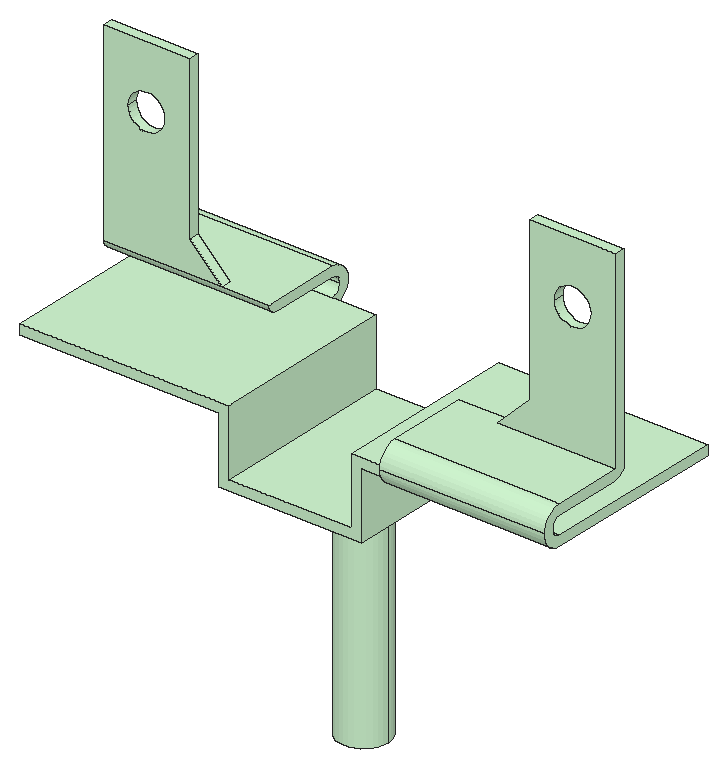
Revit family "パーテーション金具eT4015用　H=5.3", category 機械設備, Revit 2020
Family settings
  丸型コネクタ寸法 = 直径を使用
  種別 = なし
  パーツ タイプ = 標準
  作業面ベース = いいえ
  常に垂直 = はい
  ロード時にボイドで切り取り = いいえ
  共有 = いいえ
  部屋計算ポイント = いいえ
Parameters
  製造元 = "株式会社桐井製作所"
  既定の高さ = 0 mm
  URL = "https://www.kirii.co.jp/"
  K_材質 = "SUS304"
  K_品名 = "パーテーション金具eT4015用 H=5.3"
  K_名称 = "パーテーション金具"
  K_入数 = "500"
  K_バージョン情報 = "20250901"
Reference planes
  plane 1 "中心(正面/背面)": y = 0
  plane 2: z = 0
  plane 3 "中心(左/右)": x = 0
Forms (mm)
  Extrusion 1, solid
    sketch origin (0, 0, 0) x (1, 0, 0) y (0, 0, 1)
      loop
        line (-5, 0) -> (-21.958, 0) -> (-21.958, -0.8) -> (-5.8, -0.8) -> (-5.8, -6.2) -> (5.8, -6.2) -> (5.8, -0.8) -> (21.942, -0.8) -> (21.942, 0) -> (5, 0) -> (5, -5.4) -> (-5, -5.4) -> (-5, 0)
    from -7.5 to 7.5
  Extrusion 2, solid
    sketch origin (0, 0, 0) x (0, -1, 0) y (0, 0, 1)
      loop
        line (2, 1.5) -> (7.5, 1.5)
        arc (7.5, 1.5) -> (8.03, 1.28) -> (8.25, 0.75) r 0.75
        arc (8.25, 0.75) -> (8.03, 0.22) -> (7.5, 0) r 0.75
        line (7.5, 0) -> (7.5, -0.8)
        arc (7.5, -0.8) -> (8.596, -0.346) -> (9.05, 0.75) r 1.55
        arc (9.05, 0.75) -> (8.596, 1.846) -> (7.5, 2.3) r 1.55
        line (7.5, 2.3) -> (1.8, 2.3) -> (1.8, 18.002) -> (1, 18.002) -> (1, 2.296)
        arc (1, 2.296) -> (1.361, 1.723) -> (2, 1.5) r 1.026
    from -21.942 to -8.542
  Extrusion 3, void
    sketch origin (0, 0, 0) x (-1, 0, 0) y (0, 0, 1)
      loop
        line (-8.542, 18.002) -> (-14.942, 18.002) -> (-14.942, 4.9) -> (-12.342, 2.3) -> (-8.542, 2.3) -> (-8.542, 18.002)
    from -1.8 to -1
  Extrusion 4, solid
    sketch origin (0, 0, 0) x (0, 1, 0) y (0, 0, 1)
      loop
        line (2, 1.5) -> (7.5, 1.5)
        arc (7.5, 1.5) -> (8.03, 1.28) -> (8.25, 0.75) r 0.75
        arc (8.25, 0.75) -> (8.03, 0.22) -> (7.5, 0) r 0.75
        line (7.5, 0) -> (7.5, -0.8)
        arc (7.5, -0.8) -> (8.596, -0.346) -> (9.05, 0.75) r 1.55
        arc (9.05, 0.75) -> (8.596, 1.846) -> (7.5, 2.3) r 1.55
        line (7.5, 2.3) -> (1.8, 2.3) -> (1.8, 18.002) -> (1, 18.002) -> (1, 2.296)
        arc (1, 2.296) -> (1.361, 1.723) -> (2, 1.5) r 1.026
    from -21.958 to -8.558
  Extrusion 5, void
    sketch origin (0, 0, 0) x (1, 0, 0) y (0, 0, 1)
      loop
        line (-8.558, 18.002) -> (-14.958, 18.002) -> (-14.958, 4.9) -> (-12.358, 2.3) -> (-8.558, 2.3) -> (-8.558, 18.002)
    from -1.8 to -1
  Extrusion 6, solid
    sketch origin (0, 0, 0) x (1, 0, 0) y (0, 1, 0)
      loop
        circle (-0.008, 0) r 3.5
    from -6.5 to -6.2
  Extrusion 7, solid
    sketch origin (0, 0, 0) x (1, 0, 0) y (0, 1, 0)
      loop
        circle (-0.008, 0) r 2
    from -25.4 to -6.5
  Extrusion 8, void
    sketch origin (-1.708, 0, 0) x (1, 0, 0) y (0, 0, 1)
      loop
        circle (-16.75, 12.9) r 1.5
    from -1.8 to -1
  Extrusion 9, void
    sketch origin (35.192, 0, 0) x (1, 0, 0) y (0, 0, 1)
      loop
        circle (-16.75, 12.9) r 1.5
    from 1 to 1.8
Cuts and joins
  Extrusion 3, Extrusion 8, Extrusion 9 cuts Extrusion 1
  Extrusion 3, Extrusion 8, Extrusion 9 cuts Extrusion 2
  Extrusion 5, Extrusion 8, Extrusion 9 cuts Extrusion 4
  Extrusion 8, Extrusion 9 cuts Extrusion 6
  Extrusion 8, Extrusion 9 cuts Extrusion 7
  joined: Extrusion 1, Extrusion 2, Extrusion 4, Extrusion 6, Extrusion 7
Dimensions and locks
  aligned and locked: level to plane 2
